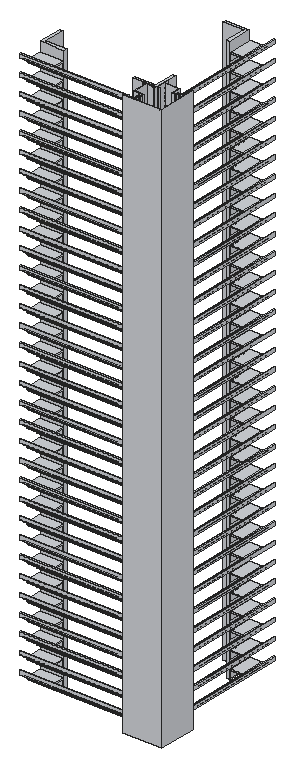
Revit family "ES-EL-2 (Box Corner)", category Mechanical Equipment, Revit 2015 (continued)
Automatic sketch dimensions
  Extrusion 41 sketch curve to Extrusion 41 sketch curve = 0' - 0.13587"
  Extrusion 41 sketch curve to Extrusion 41 sketch curve = 0' - 0.03118"
  Extrusion 41 sketch curve to Extrusion 41 sketch curve = 0' - 0.07571"
  Extrusion 41 sketch curve to Extrusion 41 sketch curve = 0' - 0.01536"
  Extrusion 41 sketch curve to Extrusion 41 sketch curve = 0' - 0.04056"
  Extrusion 41 sketch curve to Extrusion 41 sketch curve = 0' - 0.01509"
  Extrusion 41 sketch curve to Extrusion 41 sketch curve = 0' - 0.03469"
  Extrusion 41 sketch curve to Extrusion 41 sketch curve = 0' - 0.06126"
  Extrusion 41 sketch curve to Extrusion 41 sketch curve = 0' - 0.11488"
  Extrusion 41 sketch curve to Extrusion 41 sketch curve = 0' - 0.04313"
  Extrusion 41 sketch curve to Extrusion 41 sketch curve = 0' - 0.03758"
  Extrusion 41 sketch curve to Extrusion 41 sketch curve = 0' - 0.00683"
  Extrusion 41 sketch curve to Extrusion 41 sketch curve = 0' - 0.05466"
  Extrusion 41 sketch curve to Extrusion 41 sketch curve = 0' - 0.08634"
  Extrusion 41 sketch curve to Extrusion 41 sketch curve = 0' - 0.0603"
  Extrusion 41 sketch curve to Extrusion 41 sketch curve = 0' - 0.05923"
  Extrusion 41 sketch curve to Extrusion 41 sketch curve = 0' - 0.03824"
  Extrusion 41 sketch curve to Extrusion 41 sketch curve = 0' - 0.02856"
  Extrusion 41 sketch curve to Extrusion 41 sketch curve = 0' - 0.01716"
  Extrusion 41 sketch curve to Extrusion 41 sketch curve = 0' - 0.08747"
  Extrusion 41 sketch curve to Extrusion 41 sketch curve = 0' - 0.01878"
  Extrusion 41 sketch curve to Extrusion 41 sketch curve = 0' - 0.03113"
  Extrusion 41 sketch curve to Extrusion 41 sketch curve = 0' - 0.06323"
  Extrusion 41 sketch curve to Extrusion 41 sketch curve = 0' - 0.04564"
  Extrusion 41 sketch curve to Extrusion 41 sketch curve = 0' - 0.03681"
  Extrusion 41 sketch curve to Extrusion 41 sketch curve = 0' - 0.00656"
  Extrusion 41 sketch curve to Extrusion 41 sketch curve = 0' - 0.04106"
  Extrusion 41 sketch curve to Extrusion 41 sketch curve = 0' - 0.04775"
  Extrusion 41 sketch curve to Extrusion 41 sketch curve = 0' - 0.03768"
  Extrusion 41 sketch curve to Extrusion 41 sketch curve = 0' - 0.03841"
  Extrusion 41 sketch curve to Extrusion 41 sketch curve = 0' - 0.03993"
  Extrusion 41 sketch curve to Extrusion 41 sketch curve = 0' - 0.01637"
  Extrusion 41 sketch curve to Extrusion 41 sketch curve = 0' - 0 1/8"
  Extrusion 41 sketch curve to Extrusion 41 sketch curve = 0' - 0.03201"
  Extrusion 41 sketch curve to Extrusion 41 sketch curve = 0' - 0.01218"
  Extrusion 41 sketch curve to Extrusion 41 sketch curve = 0' - 0.00093"
  Extrusion 41 sketch curve to Extrusion 41 sketch curve = 0' - 0.06293"
  Extrusion 41 sketch curve to Extrusion 41 sketch curve = 0' - 0.01359"
  Extrusion 41 sketch curve to Extrusion 41 sketch curve = 0' - 0.06169"
  Extrusion 41 sketch curve to Extrusion 41 sketch curve = 0' - 0.06257"
  Extrusion 41 sketch curve to Extrusion 41 sketch curve = 0' - 0.20021"
  Extrusion 41 sketch curve to Extrusion 41 sketch curve = 0' - 0.05817"
  Extrusion 41 sketch curve to Extrusion 41 sketch curve = 0' - 0.14616"
  Extrusion 41 sketch curve to Extrusion 41 sketch curve = 0' - 0.28177"
  Extrusion 41 sketch curve to Extrusion 41 sketch curve = 0' - 0.11395"
  Extrusion 41 sketch curve to Extrusion 41 sketch curve = 0' - 0.02803"
  Extrusion 41 sketch curve to Extrusion 41 sketch curve = 0' - 0.04285"
  Extrusion 41 sketch curve to Extrusion 41 sketch curve = 0' - 0.05082"
  Extrusion 41 sketch curve to Extrusion 41 sketch curve = 0' - 0.04592"
  Extrusion 41 sketch curve to Extrusion 41 sketch curve = 0' - 0.05616"
  Extrusion 41 sketch curve to Extrusion 41 sketch curve = 0' - 0.04871"
  Extrusion 42 sketch curve to Extrusion 42 sketch curve = 0' - 0.059"
  Extrusion 42 sketch curve to Extrusion 42 sketch curve = 0' - 0.09455"
  Extrusion 42 sketch curve to Extrusion 42 sketch curve = 0' - 0.16713"
  Extrusion 42 sketch curve to Extrusion 42 sketch curve = 0' - 0.10396"
  Extrusion 42 sketch curve to Extrusion 42 sketch curve = 0' - 0.04188"
  Extrusion 42 sketch curve to Extrusion 42 sketch curve = 0' - 0.07328"
  Extrusion 42 sketch curve to Extrusion 42 sketch curve = 0' - 0.03705"
  Extrusion 42 sketch curve to Extrusion 42 sketch curve = 0' - 0.06678"
  Extrusion 42 sketch curve to Extrusion 42 sketch curve = 0' - 0.03441"
  Extrusion 42 sketch curve to Extrusion 42 sketch curve = 0' - 0.08971"
  Extrusion 42 sketch curve to Extrusion 42 sketch curve = 0' - 0.06591"
  Extrusion 42 sketch curve to Extrusion 42 sketch curve = 0' - 0.02101"
  Extrusion 42 sketch curve to Extrusion 42 sketch curve = 0' - 0.08093"
  Extrusion 42 sketch curve to Extrusion 42 sketch curve = 0' - 0.0092"
  Extrusion 42 sketch curve to Extrusion 42 sketch curve = 0' - 0.0249"
  Extrusion 42 sketch curve to Extrusion 42 sketch curve = 0' - 0.04679"
  Extrusion 42 sketch curve to Extrusion 42 sketch curve = 0' - 0.04475"
  Extrusion 42 sketch curve to Extrusion 42 sketch curve = 0' - 0.03472"
  Extrusion 42 sketch curve to Extrusion 42 sketch curve = 0' - 0.04794"
  Extrusion 42 sketch curve to Extrusion 42 sketch curve = 0' - 0.09251"
  Extrusion 42 sketch curve to Extrusion 42 sketch curve = 0' - 0.01641"
  Extrusion 42 sketch curve to Extrusion 42 sketch curve = 0' - 0.10787"
  Extrusion 42 sketch curve to Extrusion 42 sketch curve = 0' - 0.07052"
  Extrusion 42 sketch curve to Extrusion 42 sketch curve = 0' - 0.02971"
  Extrusion 42 sketch curve to Extrusion 42 sketch curve = 0' - 0.03652"
  Extrusion 42 sketch curve to Extrusion 42 sketch curve = 0' - 0.06407"
  Extrusion 42 sketch curve to Extrusion 42 sketch curve = 0' - 0.0028"
  Extrusion 42 sketch curve to Extrusion 42 sketch curve = 0' - 0.17908"
  Extrusion 42 sketch curve to Extrusion 42 sketch curve = 0' - 0.0484"
  Extrusion 42 sketch curve to Extrusion 42 sketch curve = 0' - 0.00685"
  Extrusion 42 sketch curve to Extrusion 42 sketch curve = 0' - 0.02635"
  Extrusion 42 sketch curve to Extrusion 42 sketch curve = 0' - 0.03989"
  Extrusion 42 sketch curve to Extrusion 42 sketch curve = 0' - 0.07851"
  Extrusion 42 sketch curve to Extrusion 42 sketch curve = 0' - 0.04274"
  Extrusion 42 sketch curve to Extrusion 42 sketch curve = 0' - 0.05351"
  Extrusion 42 sketch curve to Extrusion 42 sketch curve = 0' - 0.13725"
  Extrusion 42 sketch curve to Extrusion 42 sketch curve = 0' - 0.01694"
  Extrusion 42 sketch curve to Extrusion 42 sketch curve = 0' - 0.06256"
  Extrusion 42 sketch curve to Extrusion 42 sketch curve = 0' - 0.06379"
  Extrusion 42 sketch curve to Extrusion 42 sketch curve = 0' - 0.06947"
  Extrusion 42 sketch curve to Extrusion 42 sketch curve = 0' - 0.00615"
  Extrusion 42 sketch curve to Extrusion 42 sketch curve = 0' - 0.0107"
  Extrusion 42 sketch curve to Extrusion 42 sketch curve = 0' - 0.06383"
  Extrusion 42 sketch curve to Extrusion 42 sketch curve = 0' - 0.00524"
  Extrusion 42 sketch curve to Extrusion 42 sketch curve = 0' - 0.05333"
  Extrusion 42 sketch curve to Extrusion 42 sketch curve = 0' - 0.02167"
  Extrusion 42 sketch curve to Extrusion 42 sketch curve = 0' - 0.06255"
  Extrusion 42 sketch curve to Extrusion 42 sketch curve = 0' - 0.01996"
  Extrusion 42 sketch curve to Extrusion 42 sketch curve = 0' - 0.07389"
  Extrusion 42 sketch curve to Extrusion 42 sketch curve = 0' - 0.08882"
  Extrusion 42 sketch curve to Extrusion 42 sketch curve = 0' - 0.14048"
  Extrusion 42 sketch curve to Extrusion 42 sketch curve = 0' - 0.13587"
  Extrusion 42 sketch curve to Extrusion 42 sketch curve = 0' - 0.03118"
  Extrusion 42 sketch curve to Extrusion 42 sketch curve = 0' - 0.07571"
  Extrusion 42 sketch curve to Extrusion 42 sketch curve = 0' - 0.01536"
  Extrusion 42 sketch curve to Extrusion 42 sketch curve = 0' - 0.04056"
  Extrusion 42 sketch curve to Extrusion 42 sketch curve = 0' - 0.01509"
  Extrusion 42 sketch curve to Extrusion 42 sketch curve = 0' - 0.03469"
  Extrusion 42 sketch curve to Extrusion 42 sketch curve = 0' - 0.06126"
  Extrusion 42 sketch curve to Extrusion 42 sketch curve = 0' - 0.11488"
  Extrusion 42 sketch curve to Extrusion 42 sketch curve = 0' - 0.04313"
  Extrusion 42 sketch curve to Extrusion 42 sketch curve = 0' - 0.03758"
  Extrusion 42 sketch curve to Extrusion 42 sketch curve = 0' - 0.00683"
  Extrusion 42 sketch curve to Extrusion 42 sketch curve = 0' - 0.05466"
  Extrusion 42 sketch curve to Extrusion 42 sketch curve = 0' - 0.08634"
  Extrusion 42 sketch curve to Extrusion 42 sketch curve = 0' - 0.0603"
  Extrusion 42 sketch curve to Extrusion 42 sketch curve = 0' - 0.05923"
  Extrusion 42 sketch curve to Extrusion 42 sketch curve = 0' - 0.03824"
  Extrusion 42 sketch curve to Extrusion 42 sketch curve = 0' - 0.02856"
  Extrusion 42 sketch curve to Extrusion 42 sketch curve = 0' - 0.01716"
  Extrusion 42 sketch curve to Extrusion 42 sketch curve = 0' - 0.08747"
  Extrusion 42 sketch curve to Extrusion 42 sketch curve = 0' - 0.01878"
  Extrusion 42 sketch curve to Extrusion 42 sketch curve = 0' - 0.03113"
  Extrusion 42 sketch curve to Extrusion 42 sketch curve = 0' - 0.06323"
  Extrusion 42 sketch curve to Extrusion 42 sketch curve = 0' - 0.04564"
  Extrusion 42 sketch curve to Extrusion 42 sketch curve = 0' - 0.03681"
  Extrusion 42 sketch curve to Extrusion 42 sketch curve = 0' - 0.00656"
  Extrusion 42 sketch curve to Extrusion 42 sketch curve = 0' - 0.04106"
  Extrusion 42 sketch curve to Extrusion 42 sketch curve = 0' - 0.04775"
  Extrusion 42 sketch curve to Extrusion 42 sketch curve = 0' - 0.03768"
  Extrusion 42 sketch curve to Extrusion 42 sketch curve = 0' - 0.03841"
  Extrusion 42 sketch curve to Extrusion 42 sketch curve = 0' - 0.03993"
  Extrusion 42 sketch curve to Extrusion 42 sketch curve = 0' - 0.01637"
  Extrusion 42 sketch curve to Extrusion 42 sketch curve = 0' - 0 1/8"
  Extrusion 42 sketch curve to Extrusion 42 sketch curve = 0' - 0.03201"
  Extrusion 42 sketch curve to Extrusion 42 sketch curve = 0' - 0.01218"
  Extrusion 42 sketch curve to Extrusion 42 sketch curve = 0' - 0.00093"
  Extrusion 42 sketch curve to Extrusion 42 sketch curve = 0' - 0.06293"
  Extrusion 42 sketch curve to Extrusion 42 sketch curve = 0' - 0.01359"
  Extrusion 42 sketch curve to Extrusion 42 sketch curve = 0' - 0.06169"
  Extrusion 42 sketch curve to Extrusion 42 sketch curve = 0' - 0.06257"
  Extrusion 42 sketch curve to Extrusion 42 sketch curve = 0' - 0.20021"
  Extrusion 42 sketch curve to Extrusion 42 sketch curve = 0' - 0.05817"
  Extrusion 42 sketch curve to Extrusion 42 sketch curve = 0' - 0.14616"
  Extrusion 42 sketch curve to Extrusion 42 sketch curve = 0' - 0.28177"
  Extrusion 42 sketch curve to Extrusion 42 sketch curve = 0' - 0.11395"
  Extrusion 42 sketch curve to Extrusion 42 sketch curve = 0' - 0.02803"
  Extrusion 42 sketch curve to Extrusion 42 sketch curve = 0' - 0.04285"
  Extrusion 42 sketch curve to Extrusion 42 sketch curve = 0' - 0.05082"
  Extrusion 42 sketch curve to Extrusion 42 sketch curve = 0' - 0.04592"
  Extrusion 42 sketch curve to Extrusion 42 sketch curve = 0' - 0.05616"
  Extrusion 42 sketch curve to Extrusion 42 sketch curve = 0' - 0.04871"
  Extrusion 43 sketch curve to Extrusion 43 sketch curve = 0' - 0.059"
  Extrusion 43 sketch curve to Extrusion 43 sketch curve = 0' - 0.09455"
  Extrusion 43 sketch curve to Extrusion 43 sketch curve = 0' - 0.16713"
  Extrusion 43 sketch curve to Extrusion 43 sketch curve = 0' - 0.10396"
  Extrusion 43 sketch curve to Extrusion 43 sketch curve = 0' - 0.04188"
  Extrusion 43 sketch curve to Extrusion 43 sketch curve = 0' - 0.07328"
  Extrusion 43 sketch curve to Extrusion 43 sketch curve = 0' - 0.03705"
  Extrusion 43 sketch curve to Extrusion 43 sketch curve = 0' - 0.06678"
  Extrusion 43 sketch curve to Extrusion 43 sketch curve = 0' - 0.03441"
  Extrusion 43 sketch curve to Extrusion 43 sketch curve = 0' - 0.08971"
  Extrusion 43 sketch curve to Extrusion 43 sketch curve = 0' - 0.06591"
  Extrusion 43 sketch curve to Extrusion 43 sketch curve = 0' - 0.02101"
  Extrusion 43 sketch curve to Extrusion 43 sketch curve = 0' - 0.08093"
  Extrusion 43 sketch curve to Extrusion 43 sketch curve = 0' - 0.0092"
  Extrusion 43 sketch curve to Extrusion 43 sketch curve = 0' - 0.0249"
  Extrusion 43 sketch curve to Extrusion 43 sketch curve = 0' - 0.04679"
  Extrusion 43 sketch curve to Extrusion 43 sketch curve = 0' - 0.04475"
  Extrusion 43 sketch curve to Extrusion 43 sketch curve = 0' - 0.03472"
  Extrusion 43 sketch curve to Extrusion 43 sketch curve = 0' - 0.04794"
  Extrusion 43 sketch curve to Extrusion 43 sketch curve = 0' - 0.09251"
  Extrusion 43 sketch curve to Extrusion 43 sketch curve = 0' - 0.01641"
  Extrusion 43 sketch curve to Extrusion 43 sketch curve = 0' - 0.10787"
  Extrusion 43 sketch curve to Extrusion 43 sketch curve = 0' - 0.07052"
  Extrusion 43 sketch curve to Extrusion 43 sketch curve = 0' - 0.02971"
  Extrusion 43 sketch curve to Extrusion 43 sketch curve = 0' - 0.03652"
  Extrusion 43 sketch curve to Extrusion 43 sketch curve = 0' - 0.06407"
  Extrusion 43 sketch curve to Extrusion 43 sketch curve = 0' - 0.0028"
  Extrusion 43 sketch curve to Extrusion 43 sketch curve = 0' - 0.17908"
  Extrusion 43 sketch curve to Extrusion 43 sketch curve = 0' - 0.0484"
  Extrusion 43 sketch curve to Extrusion 43 sketch curve = 0' - 0.00685"
  Extrusion 43 sketch curve to Extrusion 43 sketch curve = 0' - 0.02635"
  Extrusion 43 sketch curve to Extrusion 43 sketch curve = 0' - 0.03989"
  Extrusion 43 sketch curve to Extrusion 43 sketch curve = 0' - 0.07851"
  Extrusion 43 sketch curve to Extrusion 43 sketch curve = 0' - 0.04274"
  Extrusion 43 sketch curve to Extrusion 43 sketch curve = 0' - 0.05351"
  Extrusion 43 sketch curve to Extrusion 43 sketch curve = 0' - 0.13725"
  Extrusion 43 sketch curve to Extrusion 43 sketch curve = 0' - 0.01694"
  Extrusion 43 sketch curve to Extrusion 43 sketch curve = 0' - 0.06256"
  Extrusion 43 sketch curve to Extrusion 43 sketch curve = 0' - 0.06379"
  Extrusion 43 sketch curve to Extrusion 43 sketch curve = 0' - 0.06947"
  Extrusion 43 sketch curve to Extrusion 43 sketch curve = 0' - 0.00615"
  Extrusion 43 sketch curve to Extrusion 43 sketch curve = 0' - 0.0107"
  Extrusion 43 sketch curve to Extrusion 43 sketch curve = 0' - 0.06383"
  Extrusion 43 sketch curve to Extrusion 43 sketch curve = 0' - 0.00524"
  Extrusion 43 sketch curve to Extrusion 43 sketch curve = 0' - 0.05333"
  Extrusion 43 sketch curve to Extrusion 43 sketch curve = 0' - 0.02167"
  Extrusion 43 sketch curve to Extrusion 43 sketch curve = 0' - 0.06255"
  Extrusion 43 sketch curve to Extrusion 43 sketch curve = 0' - 0.01996"
  Extrusion 43 sketch curve to Extrusion 43 sketch curve = 0' - 0.07389"
  Extrusion 43 sketch curve to Extrusion 43 sketch curve = 0' - 0.08882"
  Extrusion 43 sketch curve to Extrusion 43 sketch curve = 0' - 0.14048"
  Extrusion 43 sketch curve to Extrusion 43 sketch curve = 0' - 0.13587"
  Extrusion 43 sketch curve to Extrusion 43 sketch curve = 0' - 0.03118"
  Extrusion 43 sketch curve to Extrusion 43 sketch curve = 0' - 0.07571"
  Extrusion 43 sketch curve to Extrusion 43 sketch curve = 0' - 0.01536"
  Extrusion 43 sketch curve to Extrusion 43 sketch curve = 0' - 0.04056"
  Extrusion 43 sketch curve to Extrusion 43 sketch curve = 0' - 0.01509"
  Extrusion 43 sketch curve to Extrusion 43 sketch curve = 0' - 0.03469"
  Extrusion 43 sketch curve to Extrusion 43 sketch curve = 0' - 0.06126"
  Extrusion 43 sketch curve to Extrusion 43 sketch curve = 0' - 0.11488"
  Extrusion 43 sketch curve to Extrusion 43 sketch curve = 0' - 0.04313"
  Extrusion 43 sketch curve to Extrusion 43 sketch curve = 0' - 0.03758"
  Extrusion 43 sketch curve to Extrusion 43 sketch curve = 0' - 0.00683"
  Extrusion 43 sketch curve to Extrusion 43 sketch curve = 0' - 0.05466"
  Extrusion 43 sketch curve to Extrusion 43 sketch curve = 0' - 0.08634"
  Extrusion 43 sketch curve to Extrusion 43 sketch curve = 0' - 0.0603"
  Extrusion 43 sketch curve to Extrusion 43 sketch curve = 0' - 0.05923"
  Extrusion 43 sketch curve to Extrusion 43 sketch curve = 0' - 0.03824"
  Extrusion 43 sketch curve to Extrusion 43 sketch curve = 0' - 0.02856"
  Extrusion 43 sketch curve to Extrusion 43 sketch curve = 0' - 0.01716"
  Extrusion 43 sketch curve to Extrusion 43 sketch curve = 0' - 0.08747"
  Extrusion 43 sketch curve to Extrusion 43 sketch curve = 0' - 0.01878"
  Extrusion 43 sketch curve to Extrusion 43 sketch curve = 0' - 0.03113"
  Extrusion 43 sketch curve to Extrusion 43 sketch curve = 0' - 0.06323"
  Extrusion 43 sketch curve to Extrusion 43 sketch curve = 0' - 0.04564"
  Extrusion 43 sketch curve to Extrusion 43 sketch curve = 0' - 0.03681"
  Extrusion 43 sketch curve to Extrusion 43 sketch curve = 0' - 0.00656"
  Extrusion 43 sketch curve to Extrusion 43 sketch curve = 0' - 0.04106"
  Extrusion 43 sketch curve to Extrusion 43 sketch curve = 0' - 0.04775"
  Extrusion 43 sketch curve to Extrusion 43 sketch curve = 0' - 0.03768"
  Extrusion 43 sketch curve to Extrusion 43 sketch curve = 0' - 0.03841"
  Extrusion 43 sketch curve to Extrusion 43 sketch curve = 0' - 0.03993"
  Extrusion 43 sketch curve to Extrusion 43 sketch curve = 0' - 0.01637"
  Extrusion 43 sketch curve to Extrusion 43 sketch curve = 0' - 0 1/8"
  Extrusion 43 sketch curve to Extrusion 43 sketch curve = 0' - 0.03201"
  Extrusion 43 sketch curve to Extrusion 43 sketch curve = 0' - 0.01218"
  Extrusion 43 sketch curve to Extrusion 43 sketch curve = 0' - 0.00093"
  Extrusion 43 sketch curve to Extrusion 43 sketch curve = 0' - 0.06293"
  Extrusion 43 sketch curve to Extrusion 43 sketch curve = 0' - 0.01359"
  Extrusion 43 sketch curve to Extrusion 43 sketch curve = 0' - 0.06169"
  Extrusion 43 sketch curve to Extrusion 43 sketch curve = 0' - 0.06257"
  Extrusion 43 sketch curve to Extrusion 43 sketch curve = 0' - 0.20021"
  Extrusion 43 sketch curve to Extrusion 43 sketch curve = 0' - 0.05817"
  Extrusion 43 sketch curve to Extrusion 43 sketch curve = 0' - 0.14616"
  Extrusion 43 sketch curve to Extrusion 43 sketch curve = 0' - 0.28177"
  Extrusion 43 sketch curve to Extrusion 43 sketch curve = 0' - 0.11395"
  Extrusion 43 sketch curve to Extrusion 43 sketch curve = 0' - 0.02803"
  Extrusion 43 sketch curve to Extrusion 43 sketch curve = 0' - 0.04285"
  Extrusion 43 sketch curve to Extrusion 43 sketch curve = 0' - 0.05082"
  Extrusion 43 sketch curve to Extrusion 43 sketch curve = 0' - 0.04592"
  Extrusion 43 sketch curve to Extrusion 43 sketch curve = 0' - 0.05616"
  Extrusion 43 sketch curve to Extrusion 43 sketch curve = 0' - 0.04871"
  Extrusion 44 sketch curve to Extrusion 44 sketch curve = 0' - 0.059"
  Extrusion 44 sketch curve to Extrusion 44 sketch curve = 0' - 0.09455"
  Extrusion 44 sketch curve to Extrusion 44 sketch curve = 0' - 0.16713"
  Extrusion 44 sketch curve to Extrusion 44 sketch curve = 0' - 0.10396"
  Extrusion 44 sketch curve to Extrusion 44 sketch curve = 0' - 0.04188"
  Extrusion 44 sketch curve to Extrusion 44 sketch curve = 0' - 0.07328"
  Extrusion 44 sketch curve to Extrusion 44 sketch curve = 0' - 0.03705"
  Extrusion 44 sketch curve to Extrusion 44 sketch curve = 0' - 0.06678"
  Extrusion 44 sketch curve to Extrusion 44 sketch curve = 0' - 0.03441"
  Extrusion 44 sketch curve to Extrusion 44 sketch curve = 0' - 0.08971"
  Extrusion 44 sketch curve to Extrusion 44 sketch curve = 0' - 0.06591"
  Extrusion 44 sketch curve to Extrusion 44 sketch curve = 0' - 0.02101"
  Extrusion 44 sketch curve to Extrusion 44 sketch curve = 0' - 0.08093"
  Extrusion 44 sketch curve to Extrusion 44 sketch curve = 0' - 0.0092"
  Extrusion 44 sketch curve to Extrusion 44 sketch curve = 0' - 0.0249"
  Extrusion 44 sketch curve to Extrusion 44 sketch curve = 0' - 0.04679"
  Extrusion 44 sketch curve to Extrusion 44 sketch curve = 0' - 0.04475"
  Extrusion 44 sketch curve to Extrusion 44 sketch curve = 0' - 0.03472"
  Extrusion 44 sketch curve to Extrusion 44 sketch curve = 0' - 0.04794"
  Extrusion 44 sketch curve to Extrusion 44 sketch curve = 0' - 0.09251"
  Extrusion 44 sketch curve to Extrusion 44 sketch curve = 0' - 0.01641"
  Extrusion 44 sketch curve to Extrusion 44 sketch curve = 0' - 0.10787"
  Extrusion 44 sketch curve to Extrusion 44 sketch curve = 0' - 0.07052"
  Extrusion 44 sketch curve to Extrusion 44 sketch curve = 0' - 0.02971"
  Extrusion 44 sketch curve to Extrusion 44 sketch curve = 0' - 0.03652"
  Extrusion 44 sketch curve to Extrusion 44 sketch curve = 0' - 0.06407"
  Extrusion 44 sketch curve to Extrusion 44 sketch curve = 0' - 0.0028"
  Extrusion 44 sketch curve to Extrusion 44 sketch curve = 0' - 0.17908"
  Extrusion 44 sketch curve to Extrusion 44 sketch curve = 0' - 0.0484"
  Extrusion 44 sketch curve to Extrusion 44 sketch curve = 0' - 0.00685"
  Extrusion 44 sketch curve to Extrusion 44 sketch curve = 0' - 0.02635"
  Extrusion 44 sketch curve to Extrusion 44 sketch curve = 0' - 0.03989"
  Extrusion 44 sketch curve to Extrusion 44 sketch curve = 0' - 0.07851"
  Extrusion 44 sketch curve to Extrusion 44 sketch curve = 0' - 0.04274"
  Extrusion 44 sketch curve to Extrusion 44 sketch curve = 0' - 0.05351"
  Extrusion 44 sketch curve to Extrusion 44 sketch curve = 0' - 0.13725"
  Extrusion 44 sketch curve to Extrusion 44 sketch curve = 0' - 0.01694"
  Extrusion 44 sketch curve to Extrusion 44 sketch curve = 0' - 0.06256"
  Extrusion 44 sketch curve to Extrusion 44 sketch curve = 0' - 0.06379"
  Extrusion 44 sketch curve to Extrusion 44 sketch curve = 0' - 0.06947"
  Extrusion 44 sketch curve to Extrusion 44 sketch curve = 0' - 0.00615"
  Extrusion 44 sketch curve to Extrusion 44 sketch curve = 0' - 0.0107"
  Extrusion 44 sketch curve to Extrusion 44 sketch curve = 0' - 0.06383"
  Extrusion 44 sketch curve to Extrusion 44 sketch curve = 0' - 0.00524"
  Extrusion 44 sketch curve to Extrusion 44 sketch curve = 0' - 0.05333"
  Extrusion 44 sketch curve to Extrusion 44 sketch curve = 0' - 0.02167"
  Extrusion 44 sketch curve to Extrusion 44 sketch curve = 0' - 0.06255"
  Extrusion 44 sketch curve to Extrusion 44 sketch curve = 0' - 0.01996"
  Extrusion 44 sketch curve to Extrusion 44 sketch curve = 0' - 0.07389"
  Extrusion 44 sketch curve to Extrusion 44 sketch curve = 0' - 0.08882"
  Extrusion 44 sketch curve to Extrusion 44 sketch curve = 0' - 0.14048"
  Extrusion 44 sketch curve to Extrusion 44 sketch curve = 0' - 0.13587"
  Extrusion 44 sketch curve to Extrusion 44 sketch curve = 0' - 0.03118"
  Extrusion 44 sketch curve to Extrusion 44 sketch curve = 0' - 0.07571"
  Extrusion 44 sketch curve to Extrusion 44 sketch curve = 0' - 0.01536"
  Extrusion 44 sketch curve to Extrusion 44 sketch curve = 0' - 0.04056"
  Extrusion 44 sketch curve to Extrusion 44 sketch curve = 0' - 0.01509"
  Extrusion 44 sketch curve to Extrusion 44 sketch curve = 0' - 0.03469"
  Extrusion 44 sketch curve to Extrusion 44 sketch curve = 0' - 0.06126"
  Extrusion 44 sketch curve to Extrusion 44 sketch curve = 0' - 0.11488"
  Extrusion 44 sketch curve to Extrusion 44 sketch curve = 0' - 0.04313"
  Extrusion 44 sketch curve to Extrusion 44 sketch curve = 0' - 0.03758"
  Extrusion 44 sketch curve to Extrusion 44 sketch curve = 0' - 0.00683"
  Extrusion 44 sketch curve to Extrusion 44 sketch curve = 0' - 0.05466"
  Extrusion 44 sketch curve to Extrusion 44 sketch curve = 0' - 0.08634"
  Extrusion 44 sketch curve to Extrusion 44 sketch curve = 0' - 0.0603"
  Extrusion 44 sketch curve to Extrusion 44 sketch curve = 0' - 0.05923"
  Extrusion 44 sketch curve to Extrusion 44 sketch curve = 0' - 0.03824"
  Extrusion 44 sketch curve to Extrusion 44 sketch curve = 0' - 0.02856"
  Extrusion 44 sketch curve to Extrusion 44 sketch curve = 0' - 0.01716"
  Extrusion 44 sketch curve to Extrusion 44 sketch curve = 0' - 0.08747"
  Extrusion 44 sketch curve to Extrusion 44 sketch curve = 0' - 0.01878"
  Extrusion 44 sketch curve to Extrusion 44 sketch curve = 0' - 0.03113"
  Extrusion 44 sketch curve to Extrusion 44 sketch curve = 0' - 0.06323"
  Extrusion 44 sketch curve to Extrusion 44 sketch curve = 0' - 0.04564"
  Extrusion 44 sketch curve to Extrusion 44 sketch curve = 0' - 0.03681"
  Extrusion 44 sketch curve to Extrusion 44 sketch curve = 0' - 0.00656"
  Extrusion 44 sketch curve to Extrusion 44 sketch curve = 0' - 0.04106"
  Extrusion 44 sketch curve to Extrusion 44 sketch curve = 0' - 0.04775"
  Extrusion 44 sketch curve to Extrusion 44 sketch curve = 0' - 0.03768"
  Extrusion 44 sketch curve to Extrusion 44 sketch curve = 0' - 0.03841"
  Extrusion 44 sketch curve to Extrusion 44 sketch curve = 0' - 0.03993"
  Extrusion 44 sketch curve to Extrusion 44 sketch curve = 0' - 0.01637"
  Extrusion 44 sketch curve to Extrusion 44 sketch curve = 0' - 0 1/8"
  Extrusion 44 sketch curve to Extrusion 44 sketch curve = 0' - 0.03201"
  Extrusion 44 sketch curve to Extrusion 44 sketch curve = 0' - 0.01218"
  Extrusion 44 sketch curve to Extrusion 44 sketch curve = 0' - 0.00093"
  Extrusion 44 sketch curve to Extrusion 44 sketch curve = 0' - 0.06293"
  Extrusion 44 sketch curve to Extrusion 44 sketch curve = 0' - 0.01359"
  Extrusion 44 sketch curve to Extrusion 44 sketch curve = 0' - 0.06169"
  Extrusion 44 sketch curve to Extrusion 44 sketch curve = 0' - 0.06257"
  Extrusion 44 sketch curve to Extrusion 44 sketch curve = 0' - 0.20021"
  Extrusion 44 sketch curve to Extrusion 44 sketch curve = 0' - 0.05817"
  Extrusion 44 sketch curve to Extrusion 44 sketch curve = 0' - 0.14616"
  Extrusion 44 sketch curve to Extrusion 44 sketch curve = 0' - 0.28177"
  Extrusion 44 sketch curve to Extrusion 44 sketch curve = 0' - 0.11395"
  Extrusion 44 sketch curve to Extrusion 44 sketch curve = 0' - 0.02803"
  Extrusion 44 sketch curve to Extrusion 44 sketch curve = 0' - 0.04285"
  Extrusion 44 sketch curve to Extrusion 44 sketch curve = 0' - 0.05082"
  Extrusion 44 sketch curve to Extrusion 44 sketch curve = 0' - 0.04592"
  Extrusion 44 sketch curve to Extrusion 44 sketch curve = 0' - 0.05616"
  Extrusion 44 sketch curve to Extrusion 44 sketch curve = 0' - 0.04871"
  Extrusion 45 sketch curve to Extrusion 45 sketch curve = 0' - 0.059"
  Extrusion 45 sketch curve to Extrusion 45 sketch curve = 0' - 0.09455"
  Extrusion 45 sketch curve to Extrusion 45 sketch curve = 0' - 0.16713"
  Extrusion 45 sketch curve to Extrusion 45 sketch curve = 0' - 0.10396"
  Extrusion 45 sketch curve to Extrusion 45 sketch curve = 0' - 0.04188"
  Extrusion 45 sketch curve to Extrusion 45 sketch curve = 0' - 0.07328"
  Extrusion 45 sketch curve to Extrusion 45 sketch curve = 0' - 0.03705"
  Extrusion 45 sketch curve to Extrusion 45 sketch curve = 0' - 0.06678"
  Extrusion 45 sketch curve to Extrusion 45 sketch curve = 0' - 0.03441"
  Extrusion 45 sketch curve to Extrusion 45 sketch curve = 0' - 0.08971"
  Extrusion 45 sketch curve to Extrusion 45 sketch curve = 0' - 0.06591"
  Extrusion 45 sketch curve to Extrusion 45 sketch curve = 0' - 0.02101"
  Extrusion 45 sketch curve to Extrusion 45 sketch curve = 0' - 0.08093"
  Extrusion 45 sketch curve to Extrusion 45 sketch curve = 0' - 0.0092"
  Extrusion 45 sketch curve to Extrusion 45 sketch curve = 0' - 0.0249"
  Extrusion 45 sketch curve to Extrusion 45 sketch curve = 0' - 0.04679"
  Extrusion 45 sketch curve to Extrusion 45 sketch curve = 0' - 0.04475"
  Extrusion 45 sketch curve to Extrusion 45 sketch curve = 0' - 0.03472"
  Extrusion 45 sketch curve to Extrusion 45 sketch curve = 0' - 0.04794"
  Extrusion 45 sketch curve to Extrusion 45 sketch curve = 0' - 0.09251"
  Extrusion 45 sketch curve to Extrusion 45 sketch curve = 0' - 0.01641"
  Extrusion 45 sketch curve to Extrusion 45 sketch curve = 0' - 0.10787"
  Extrusion 45 sketch curve to Extrusion 45 sketch curve = 0' - 0.07052"
  Extrusion 45 sketch curve to Extrusion 45 sketch curve = 0' - 0.02971"
  Extrusion 45 sketch curve to Extrusion 45 sketch curve = 0' - 0.03652"
  Extrusion 45 sketch curve to Extrusion 45 sketch curve = 0' - 0.06407"
  Extrusion 45 sketch curve to Extrusion 45 sketch curve = 0' - 0.0028"
  Extrusion 45 sketch curve to Extrusion 45 sketch curve = 0' - 0.17908"
  Extrusion 45 sketch curve to Extrusion 45 sketch curve = 0' - 0.0484"
  Extrusion 45 sketch curve to Extrusion 45 sketch curve = 0' - 0.00685"
  Extrusion 45 sketch curve to Extrusion 45 sketch curve = 0' - 0.02635"
  Extrusion 45 sketch curve to Extrusion 45 sketch curve = 0' - 0.03989"
  Extrusion 45 sketch curve to Extrusion 45 sketch curve = 0' - 0.07851"
  Extrusion 45 sketch curve to Extrusion 45 sketch curve = 0' - 0.04274"
  Extrusion 45 sketch curve to Extrusion 45 sketch curve = 0' - 0.05351"
  Extrusion 45 sketch curve to Extrusion 45 sketch curve = 0' - 0.13725"
  Extrusion 45 sketch curve to Extrusion 45 sketch curve = 0' - 0.01694"
  Extrusion 45 sketch curve to Extrusion 45 sketch curve = 0' - 0.06256"
  Extrusion 45 sketch curve to Extrusion 45 sketch curve = 0' - 0.06379"
  Extrusion 45 sketch curve to Extrusion 45 sketch curve = 0' - 0.06947"
  Extrusion 45 sketch curve to Extrusion 45 sketch curve = 0' - 0.00615"
  Extrusion 45 sketch curve to Extrusion 45 sketch curve = 0' - 0.0107"
  Extrusion 45 sketch curve to Extrusion 45 sketch curve = 0' - 0.06383"
  Extrusion 45 sketch curve to Extrusion 45 sketch curve = 0' - 0.00524"
  Extrusion 45 sketch curve to Extrusion 45 sketch curve = 0' - 0.05333"
  Extrusion 45 sketch curve to Extrusion 45 sketch curve = 0' - 0.02167"
  Extrusion 45 sketch curve to Extrusion 45 sketch curve = 0' - 0.06255"
  Extrusion 45 sketch curve to Extrusion 45 sketch curve = 0' - 0.01996"
  Extrusion 45 sketch curve to Extrusion 45 sketch curve = 0' - 0.07389"
  Extrusion 45 sketch curve to Extrusion 45 sketch curve = 0' - 0.08882"
  Extrusion 45 sketch curve to Extrusion 45 sketch curve = 0' - 0.14048"
  Extrusion 45 sketch curve to Extrusion 45 sketch curve = 0' - 0.07571"
  Extrusion 45 sketch curve to Extrusion 45 sketch curve = 0' - 0.01536"
  Extrusion 45 sketch curve to Extrusion 45 sketch curve = 0' - 0.04056"
  Extrusion 45 sketch curve to Extrusion 45 sketch curve = 0' - 0.01509"
  Extrusion 45 sketch curve to Extrusion 45 sketch curve = 0' - 0.03469"
  Extrusion 45 sketch curve to Extrusion 45 sketch curve = 0' - 0.06126"
  Extrusion 45 sketch curve to Extrusion 45 sketch curve = 0' - 0.11488"
  Extrusion 45 sketch curve to Extrusion 45 sketch curve = 0' - 0.04313"
  Extrusion 45 sketch curve to Extrusion 45 sketch curve = 0' - 0.03758"
  Extrusion 45 sketch curve to Extrusion 45 sketch curve = 0' - 0.00683"
  Extrusion 45 sketch curve to Extrusion 45 sketch curve = 0' - 0.05466"
  Extrusion 45 sketch curve to Extrusion 45 sketch curve = 0' - 0.08634"
  Extrusion 45 sketch curve to Extrusion 45 sketch curve = 0' - 0.0603"
  Extrusion 45 sketch curve to Extrusion 45 sketch curve = 0' - 0.05923"
  Extrusion 45 sketch curve to Extrusion 45 sketch curve = 0' - 0.03824"
  Extrusion 45 sketch curve to Extrusion 45 sketch curve = 0' - 0.02856"
  Extrusion 45 sketch curve to Extrusion 45 sketch curve = 0' - 0.01716"
  Extrusion 45 sketch curve to Extrusion 45 sketch curve = 0' - 0.08747"
  Extrusion 45 sketch curve to Extrusion 45 sketch curve = 0' - 0.01878"
  Extrusion 45 sketch curve to Extrusion 45 sketch curve = 0' - 0.03113"
  Extrusion 45 sketch curve to Extrusion 45 sketch curve = 0' - 0.06323"
  Extrusion 45 sketch curve to Extrusion 45 sketch curve = 0' - 0.04564"
  Extrusion 45 sketch curve to Extrusion 45 sketch curve = 0' - 0.03681"
  Extrusion 45 sketch curve to Extrusion 45 sketch curve = 0' - 0.00656"
  Extrusion 45 sketch curve to Extrusion 45 sketch curve = 0' - 0.04106"
  Extrusion 45 sketch curve to Extrusion 45 sketch curve = 0' - 0.04775"
  Extrusion 45 sketch curve to Extrusion 45 sketch curve = 0' - 0.03768"
  Extrusion 45 sketch curve to Extrusion 45 sketch curve = 0' - 0.03841"
  Extrusion 45 sketch curve to Extrusion 45 sketch curve = 0' - 0.03993"
  Extrusion 45 sketch curve to Extrusion 45 sketch curve = 0' - 0.01637"
  Extrusion 45 sketch curve to Extrusion 45 sketch curve = 0' - 0 1/8"
  Extrusion 45 sketch curve to Extrusion 45 sketch curve = 0' - 0.03201"
  Extrusion 45 sketch curve to Extrusion 45 sketch curve = 0' - 0.01218"
  Extrusion 45 sketch curve to Extrusion 45 sketch curve = 0' - 0.00093"
  Extrusion 45 sketch curve to Extrusion 45 sketch curve = 0' - 0.06293"
  Extrusion 45 sketch curve to Extrusion 45 sketch curve = 0' - 0.01359"
  Extrusion 45 sketch curve to Extrusion 45 sketch curve = 0' - 0.06169"
  Extrusion 45 sketch curve to Extrusion 45 sketch curve = 0' - 0.06257"
  Extrusion 45 sketch curve to Extrusion 45 sketch curve = 0' - 0.20021"
  Extrusion 45 sketch curve to Extrusion 45 sketch curve = 0' - 0.05817"
  Extrusion 45 sketch curve to Extrusion 45 sketch curve = 0' - 0.10469"
  Extrusion 45 sketch curve to Extrusion 45 sketch curve = 0' - 0.03118"
  Extrusion 45 sketch curve to Extrusion 45 sketch curve = 0' - 0.14616"
  Extrusion 45 sketch curve to Extrusion 45 sketch curve = 0' - 0.04871"
  Extrusion 45 sketch curve to Extrusion 45 sketch curve = 0' - 0.05895"
  Extrusion 45 sketch curve to Extrusion 45 sketch curve = 0' - 0.04592"
  Extrusion 45 sketch curve to Extrusion 45 sketch curve = 0' - 0.05389"
  Extrusion 45 sketch curve to Extrusion 45 sketch curve = 0' - 0.04285"
  Extrusion 45 sketch curve to Extrusion 45 sketch curve = 0' - 0.07088"
  Extrusion 45 sketch curve to Extrusion 45 sketch curve = 0' - 0.11395"
  Extrusion 45 sketch curve to Extrusion 45 sketch curve = 0' - 0.28177"
  Extrusion 46 sketch curve to Extrusion 46 sketch curve = 0' - 0.059"
  Extrusion 46 sketch curve to Extrusion 46 sketch curve = 0' - 0.09455"
  Extrusion 46 sketch curve to Extrusion 46 sketch curve = 0' - 0.16713"
  Extrusion 46 sketch curve to Extrusion 46 sketch curve = 0' - 0.10396"
  Extrusion 46 sketch curve to Extrusion 46 sketch curve = 0' - 0.04188"
  Extrusion 46 sketch curve to Extrusion 46 sketch curve = 0' - 0.07328"
  Extrusion 46 sketch curve to Extrusion 46 sketch curve = 0' - 0.03705"
  Extrusion 46 sketch curve to Extrusion 46 sketch curve = 0' - 0.06678"
  Extrusion 46 sketch curve to Extrusion 46 sketch curve = 0' - 0.03441"
  Extrusion 46 sketch curve to Extrusion 46 sketch curve = 0' - 0.08971"
  Extrusion 46 sketch curve to Extrusion 46 sketch curve = 0' - 0.06591"
  Extrusion 46 sketch curve to Extrusion 46 sketch curve = 0' - 0.02101"
  Extrusion 46 sketch curve to Extrusion 46 sketch curve = 0' - 0.08093"
  Extrusion 46 sketch curve to Extrusion 46 sketch curve = 0' - 0.0092"
  Extrusion 46 sketch curve to Extrusion 46 sketch curve = 0' - 0.0249"
  Extrusion 46 sketch curve to Extrusion 46 sketch curve = 0' - 0.04679"
  Extrusion 46 sketch curve to Extrusion 46 sketch curve = 0' - 0.04475"
  Extrusion 46 sketch curve to Extrusion 46 sketch curve = 0' - 0.03472"
  Extrusion 46 sketch curve to Extrusion 46 sketch curve = 0' - 0.04794"
  Extrusion 46 sketch curve to Extrusion 46 sketch curve = 0' - 0.09251"
  Extrusion 46 sketch curve to Extrusion 46 sketch curve = 0' - 0.01641"
  Extrusion 46 sketch curve to Extrusion 46 sketch curve = 0' - 0.10787"
  Extrusion 46 sketch curve to Extrusion 46 sketch curve = 0' - 0.07052"
  Extrusion 46 sketch curve to Extrusion 46 sketch curve = 0' - 0.02971"
  Extrusion 46 sketch curve to Extrusion 46 sketch curve = 0' - 0.03652"
  Extrusion 46 sketch curve to Extrusion 46 sketch curve = 0' - 0.06407"
  Extrusion 46 sketch curve to Extrusion 46 sketch curve = 0' - 0.0028"
  Extrusion 46 sketch curve to Extrusion 46 sketch curve = 0' - 0.17908"
  Extrusion 46 sketch curve to Extrusion 46 sketch curve = 0' - 0.0484"
  Extrusion 46 sketch curve to Extrusion 46 sketch curve = 0' - 0.00685"
  Extrusion 46 sketch curve to Extrusion 46 sketch curve = 0' - 0.02635"
  Extrusion 46 sketch curve to Extrusion 46 sketch curve = 0' - 0.03989"
  Extrusion 46 sketch curve to Extrusion 46 sketch curve = 0' - 0.07851"
  Extrusion 46 sketch curve to Extrusion 46 sketch curve = 0' - 0.04274"
  Extrusion 46 sketch curve to Extrusion 46 sketch curve = 0' - 0.05351"
  Extrusion 46 sketch curve to Extrusion 46 sketch curve = 0' - 0.13725"
  Extrusion 46 sketch curve to Extrusion 46 sketch curve = 0' - 0.01694"
  Extrusion 46 sketch curve to Extrusion 46 sketch curve = 0' - 0.06256"
  Extrusion 46 sketch curve to Extrusion 46 sketch curve = 0' - 0.06379"
  Extrusion 46 sketch curve to Extrusion 46 sketch curve = 0' - 0.06947"
  Extrusion 46 sketch curve to Extrusion 46 sketch curve = 0' - 0.00615"
  Extrusion 46 sketch curve to Extrusion 46 sketch curve = 0' - 0.0107"
  Extrusion 46 sketch curve to Extrusion 46 sketch curve = 0' - 0.06383"
  Extrusion 46 sketch curve to Extrusion 46 sketch curve = 0' - 0.00524"
  Extrusion 46 sketch curve to Extrusion 46 sketch curve = 0' - 0.05333"
  Extrusion 46 sketch curve to Extrusion 46 sketch curve = 0' - 0.02167"
  Extrusion 46 sketch curve to Extrusion 46 sketch curve = 0' - 0.06255"
  Extrusion 46 sketch curve to Extrusion 46 sketch curve = 0' - 0.01996"
  Extrusion 46 sketch curve to Extrusion 46 sketch curve = 0' - 0.07389"
  Extrusion 46 sketch curve to Extrusion 46 sketch curve = 0' - 0.08882"
  Extrusion 46 sketch curve to Extrusion 46 sketch curve = 0' - 0.14048"
  Extrusion 46 sketch curve to Extrusion 46 sketch curve = 0' - 0.07571"
  Extrusion 46 sketch curve to Extrusion 46 sketch curve = 0' - 0.01536"
  Extrusion 46 sketch curve to Extrusion 46 sketch curve = 0' - 0.04056"
  Extrusion 46 sketch curve to Extrusion 46 sketch curve = 0' - 0.01509"
  Extrusion 46 sketch curve to Extrusion 46 sketch curve = 0' - 0.03469"
  Extrusion 46 sketch curve to Extrusion 46 sketch curve = 0' - 0.06126"
  Extrusion 46 sketch curve to Extrusion 46 sketch curve = 0' - 0.11488"
  Extrusion 46 sketch curve to Extrusion 46 sketch curve = 0' - 0.04313"
  Extrusion 46 sketch curve to Extrusion 46 sketch curve = 0' - 0.03758"
  Extrusion 46 sketch curve to Extrusion 46 sketch curve = 0' - 0.00683"
  Extrusion 46 sketch curve to Extrusion 46 sketch curve = 0' - 0.05466"
  Extrusion 46 sketch curve to Extrusion 46 sketch curve = 0' - 0.08634"
  Extrusion 46 sketch curve to Extrusion 46 sketch curve = 0' - 0.0603"
  Extrusion 46 sketch curve to Extrusion 46 sketch curve = 0' - 0.05923"
  Extrusion 46 sketch curve to Extrusion 46 sketch curve = 0' - 0.03824"
  Extrusion 46 sketch curve to Extrusion 46 sketch curve = 0' - 0.02856"
  Extrusion 46 sketch curve to Extrusion 46 sketch curve = 0' - 0.01716"
  Extrusion 46 sketch curve to Extrusion 46 sketch curve = 0' - 0.08747"
  Extrusion 46 sketch curve to Extrusion 46 sketch curve = 0' - 0.01878"
  Extrusion 46 sketch curve to Extrusion 46 sketch curve = 0' - 0.03113"
  Extrusion 46 sketch curve to Extrusion 46 sketch curve = 0' - 0.06323"
  Extrusion 46 sketch curve to Extrusion 46 sketch curve = 0' - 0.04564"
  Extrusion 46 sketch curve to Extrusion 46 sketch curve = 0' - 0.03681"
  Extrusion 46 sketch curve to Extrusion 46 sketch curve = 0' - 0.00656"
  Extrusion 46 sketch curve to Extrusion 46 sketch curve = 0' - 0.04106"
  Extrusion 46 sketch curve to Extrusion 46 sketch curve = 0' - 0.04775"
  Extrusion 46 sketch curve to Extrusion 46 sketch curve = 0' - 0.03768"
  Extrusion 46 sketch curve to Extrusion 46 sketch curve = 0' - 0.03841"
  Extrusion 46 sketch curve to Extrusion 46 sketch curve = 0' - 0.03993"
  Extrusion 46 sketch curve to Extrusion 46 sketch curve = 0' - 0.01637"
  Extrusion 46 sketch curve to Extrusion 46 sketch curve = 0' - 0 1/8"
  Extrusion 46 sketch curve to Extrusion 46 sketch curve = 0' - 0.03201"
  Extrusion 46 sketch curve to Extrusion 46 sketch curve = 0' - 0.01218"
  Extrusion 46 sketch curve to Extrusion 46 sketch curve = 0' - 0.00093"
  Extrusion 46 sketch curve to Extrusion 46 sketch curve = 0' - 0.06293"
  Extrusion 46 sketch curve to Extrusion 46 sketch curve = 0' - 0.01359"
  Extrusion 46 sketch curve to Extrusion 46 sketch curve = 0' - 0.06169"
  Extrusion 46 sketch curve to Extrusion 46 sketch curve = 0' - 0.06257"
  Extrusion 46 sketch curve to Extrusion 46 sketch curve = 0' - 0.20021"
  Extrusion 46 sketch curve to Extrusion 46 sketch curve = 0' - 0.05817"
  Extrusion 46 sketch curve to Extrusion 46 sketch curve = 0' - 0.10469"
  Extrusion 46 sketch curve to Extrusion 46 sketch curve = 0' - 0.03118"
  Extrusion 46 sketch curve to Extrusion 46 sketch curve = 0' - 0.14616"
  Extrusion 46 sketch curve to Extrusion 46 sketch curve = 0' - 0.04871"
  Extrusion 46 sketch curve to Extrusion 46 sketch curve = 0' - 0.05895"
  Extrusion 46 sketch curve to Extrusion 46 sketch curve = 0' - 0.04592"
  Extrusion 46 sketch curve to Extrusion 46 sketch curve = 0' - 0.05389"
  Extrusion 46 sketch curve to Extrusion 46 sketch curve = 0' - 0.04285"
  Extrusion 46 sketch curve to Extrusion 46 sketch curve = 0' - 0.07088"
  Extrusion 46 sketch curve to Extrusion 46 sketch curve = 0' - 0.11395"
  Extrusion 46 sketch curve to Extrusion 46 sketch curve = 0' - 0.28177"
  Extrusion 47 sketch curve to Extrusion 47 sketch curve = 0' - 0.059"
  Extrusion 47 sketch curve to Extrusion 47 sketch curve = 0' - 0.09455"
  Extrusion 47 sketch curve to Extrusion 47 sketch curve = 0' - 0.16713"
  Extrusion 47 sketch curve to Extrusion 47 sketch curve = 0' - 0.10396"
  Extrusion 47 sketch curve to Extrusion 47 sketch curve = 0' - 0.04188"
  Extrusion 47 sketch curve to Extrusion 47 sketch curve = 0' - 0.07328"
  Extrusion 47 sketch curve to Extrusion 47 sketch curve = 0' - 0.03705"
  Extrusion 47 sketch curve to Extrusion 47 sketch curve = 0' - 0.06678"
  Extrusion 47 sketch curve to Extrusion 47 sketch curve = 0' - 0.03441"
  Extrusion 47 sketch curve to Extrusion 47 sketch curve = 0' - 0.08971"
  Extrusion 47 sketch curve to Extrusion 47 sketch curve = 0' - 0.06591"
  Extrusion 47 sketch curve to Extrusion 47 sketch curve = 0' - 0.02101"
  Extrusion 47 sketch curve to Extrusion 47 sketch curve = 0' - 0.08093"
  Extrusion 47 sketch curve to Extrusion 47 sketch curve = 0' - 0.0092"
  Extrusion 47 sketch curve to Extrusion 47 sketch curve = 0' - 0.0249"
  Extrusion 47 sketch curve to Extrusion 47 sketch curve = 0' - 0.04679"
  Extrusion 47 sketch curve to Extrusion 47 sketch curve = 0' - 0.04475"
  Extrusion 47 sketch curve to Extrusion 47 sketch curve = 0' - 0.03472"
  Extrusion 47 sketch curve to Extrusion 47 sketch curve = 0' - 0.04794"
  Extrusion 47 sketch curve to Extrusion 47 sketch curve = 0' - 0.09251"
  Extrusion 47 sketch curve to Extrusion 47 sketch curve = 0' - 0.01641"
  Extrusion 47 sketch curve to Extrusion 47 sketch curve = 0' - 0.10787"
  Extrusion 47 sketch curve to Extrusion 47 sketch curve = 0' - 0.07052"
  Extrusion 47 sketch curve to Extrusion 47 sketch curve = 0' - 0.02971"
  Extrusion 47 sketch curve to Extrusion 47 sketch curve = 0' - 0.03652"
  Extrusion 47 sketch curve to Extrusion 47 sketch curve = 0' - 0.06407"
  Extrusion 47 sketch curve to Extrusion 47 sketch curve = 0' - 0.0028"
  Extrusion 47 sketch curve to Extrusion 47 sketch curve = 0' - 0.17908"
  Extrusion 47 sketch curve to Extrusion 47 sketch curve = 0' - 0.0484"
  Extrusion 47 sketch curve to Extrusion 47 sketch curve = 0' - 0.00685"
  Extrusion 47 sketch curve to Extrusion 47 sketch curve = 0' - 0.02635"
  Extrusion 47 sketch curve to Extrusion 47 sketch curve = 0' - 0.03989"
  Extrusion 47 sketch curve to Extrusion 47 sketch curve = 0' - 0.07851"
  Extrusion 47 sketch curve to Extrusion 47 sketch curve = 0' - 0.04274"
  Extrusion 47 sketch curve to Extrusion 47 sketch curve = 0' - 0.05351"
  Extrusion 47 sketch curve to Extrusion 47 sketch curve = 0' - 0.13725"
  Extrusion 47 sketch curve to Extrusion 47 sketch curve = 0' - 0.01694"
  Extrusion 47 sketch curve to Extrusion 47 sketch curve = 0' - 0.06256"
  Extrusion 47 sketch curve to Extrusion 47 sketch curve = 0' - 0.06379"
  Extrusion 47 sketch curve to Extrusion 47 sketch curve = 0' - 0.06947"
  Extrusion 47 sketch curve to Extrusion 47 sketch curve = 0' - 0.00615"
  Extrusion 47 sketch curve to Extrusion 47 sketch curve = 0' - 0.0107"
  Extrusion 47 sketch curve to Extrusion 47 sketch curve = 0' - 0.06383"
  Extrusion 47 sketch curve to Extrusion 47 sketch curve = 0' - 0.00524"
  Extrusion 47 sketch curve to Extrusion 47 sketch curve = 0' - 0.05333"
  Extrusion 47 sketch curve to Extrusion 47 sketch curve = 0' - 0.02167"
  Extrusion 47 sketch curve to Extrusion 47 sketch curve = 0' - 0.06255"
  Extrusion 47 sketch curve to Extrusion 47 sketch curve = 0' - 0.01996"
  Extrusion 47 sketch curve to Extrusion 47 sketch curve = 0' - 0.07389"
  Extrusion 47 sketch curve to Extrusion 47 sketch curve = 0' - 0.08882"
  Extrusion 47 sketch curve to Extrusion 47 sketch curve = 0' - 0.14048"
  Extrusion 47 sketch curve to Extrusion 47 sketch curve = 0' - 0.07571"
  Extrusion 47 sketch curve to Extrusion 47 sketch curve = 0' - 0.01536"
  Extrusion 47 sketch curve to Extrusion 47 sketch curve = 0' - 0.04056"
  Extrusion 47 sketch curve to Extrusion 47 sketch curve = 0' - 0.01509"
  Extrusion 47 sketch curve to Extrusion 47 sketch curve = 0' - 0.03469"
  Extrusion 47 sketch curve to Extrusion 47 sketch curve = 0' - 0.06126"
  Extrusion 47 sketch curve to Extrusion 47 sketch curve = 0' - 0.11488"
  Extrusion 47 sketch curve to Extrusion 47 sketch curve = 0' - 0.04313"
  Extrusion 47 sketch curve to Extrusion 47 sketch curve = 0' - 0.03758"
  Extrusion 47 sketch curve to Extrusion 47 sketch curve = 0' - 0.00683"
  Extrusion 47 sketch curve to Extrusion 47 sketch curve = 0' - 0.05466"
  Extrusion 47 sketch curve to Extrusion 47 sketch curve = 0' - 0.08634"
  Extrusion 47 sketch curve to Extrusion 47 sketch curve = 0' - 0.0603"
  Extrusion 47 sketch curve to Extrusion 47 sketch curve = 0' - 0.05923"
  Extrusion 47 sketch curve to Extrusion 47 sketch curve = 0' - 0.03824"
  Extrusion 47 sketch curve to Extrusion 47 sketch curve = 0' - 0.02856"
  Extrusion 47 sketch curve to Extrusion 47 sketch curve = 0' - 0.01716"
  Extrusion 47 sketch curve to Extrusion 47 sketch curve = 0' - 0.08747"
  Extrusion 47 sketch curve to Extrusion 47 sketch curve = 0' - 0.01878"
  Extrusion 47 sketch curve to Extrusion 47 sketch curve = 0' - 0.03113"
  Extrusion 47 sketch curve to Extrusion 47 sketch curve = 0' - 0.06323"
  Extrusion 47 sketch curve to Extrusion 47 sketch curve = 0' - 0.04564"
  Extrusion 47 sketch curve to Extrusion 47 sketch curve = 0' - 0.03681"
  Extrusion 47 sketch curve to Extrusion 47 sketch curve = 0' - 0.00656"
  Extrusion 47 sketch curve to Extrusion 47 sketch curve = 0' - 0.04106"
  Extrusion 47 sketch curve to Extrusion 47 sketch curve = 0' - 0.04775"
  Extrusion 47 sketch curve to Extrusion 47 sketch curve = 0' - 0.03768"
  Extrusion 47 sketch curve to Extrusion 47 sketch curve = 0' - 0.03841"
  Extrusion 47 sketch curve to Extrusion 47 sketch curve = 0' - 0.03993"
  Extrusion 47 sketch curve to Extrusion 47 sketch curve = 0' - 0.01637"
  Extrusion 47 sketch curve to Extrusion 47 sketch curve = 0' - 0 1/8"
  Extrusion 47 sketch curve to Extrusion 47 sketch curve = 0' - 0.03201"
  Extrusion 47 sketch curve to Extrusion 47 sketch curve = 0' - 0.01218"
  Extrusion 47 sketch curve to Extrusion 47 sketch curve = 0' - 0.00093"
  Extrusion 47 sketch curve to Extrusion 47 sketch curve = 0' - 0.06293"
  Extrusion 47 sketch curve to Extrusion 47 sketch curve = 0' - 0.01359"
  Extrusion 47 sketch curve to Extrusion 47 sketch curve = 0' - 0.06169"
  Extrusion 47 sketch curve to Extrusion 47 sketch curve = 0' - 0.06257"
  Extrusion 47 sketch curve to Extrusion 47 sketch curve = 0' - 0.20021"
  Extrusion 47 sketch curve to Extrusion 47 sketch curve = 0' - 0.05817"
  Extrusion 47 sketch curve to Extrusion 47 sketch curve = 0' - 0.10469"
  Extrusion 47 sketch curve to Extrusion 47 sketch curve = 0' - 0.03118"
  Extrusion 47 sketch curve to Extrusion 47 sketch curve = 0' - 0.14616"
  Extrusion 47 sketch curve to Extrusion 47 sketch curve = 0' - 0.04871"
  Extrusion 47 sketch curve to Extrusion 47 sketch curve = 0' - 0.05895"
  Extrusion 47 sketch curve to Extrusion 47 sketch curve = 0' - 0.04592"
  Extrusion 47 sketch curve to Extrusion 47 sketch curve = 0' - 0.05389"
  Extrusion 47 sketch curve to Extrusion 47 sketch curve = 0' - 0.04285"
  Extrusion 47 sketch curve to Extrusion 47 sketch curve = 0' - 0.07088"
  Extrusion 47 sketch curve to Extrusion 47 sketch curve = 0' - 0.11395"
  Extrusion 47 sketch curve to Extrusion 47 sketch curve = 0' - 0.28177"
  Extrusion 48 sketch curve to Extrusion 48 sketch curve = 0' - 0.059"
  Extrusion 48 sketch curve to Extrusion 48 sketch curve = 0' - 0.09455"
  Extrusion 48 sketch curve to Extrusion 48 sketch curve = 0' - 0.16713"
  Extrusion 48 sketch curve to Extrusion 48 sketch curve = 0' - 0.10396"
  Extrusion 48 sketch curve to Extrusion 48 sketch curve = 0' - 0.04188"
  Extrusion 48 sketch curve to Extrusion 48 sketch curve = 0' - 0.07328"
  Extrusion 48 sketch curve to Extrusion 48 sketch curve = 0' - 0.03705"
  Extrusion 48 sketch curve to Extrusion 48 sketch curve = 0' - 0.06678"
  Extrusion 48 sketch curve to Extrusion 48 sketch curve = 0' - 0.03441"
  Extrusion 48 sketch curve to Extrusion 48 sketch curve = 0' - 0.08971"
  Extrusion 48 sketch curve to Extrusion 48 sketch curve = 0' - 0.06591"
  Extrusion 48 sketch curve to Extrusion 48 sketch curve = 0' - 0.02101"
  Extrusion 48 sketch curve to Extrusion 48 sketch curve = 0' - 0.08093"
  Extrusion 48 sketch curve to Extrusion 48 sketch curve = 0' - 0.0092"
  Extrusion 48 sketch curve to Extrusion 48 sketch curve = 0' - 0.0249"
  Extrusion 48 sketch curve to Extrusion 48 sketch curve = 0' - 0.04679"
  Extrusion 48 sketch curve to Extrusion 48 sketch curve = 0' - 0.04475"
  Extrusion 48 sketch curve to Extrusion 48 sketch curve = 0' - 0.03472"
  Extrusion 48 sketch curve to Extrusion 48 sketch curve = 0' - 0.04794"
  Extrusion 48 sketch curve to Extrusion 48 sketch curve = 0' - 0.09251"
  Extrusion 48 sketch curve to Extrusion 48 sketch curve = 0' - 0.01641"
  Extrusion 48 sketch curve to Extrusion 48 sketch curve = 0' - 0.10787"
  Extrusion 48 sketch curve to Extrusion 48 sketch curve = 0' - 0.07052"
  Extrusion 48 sketch curve to Extrusion 48 sketch curve = 0' - 0.02971"
  Extrusion 48 sketch curve to Extrusion 48 sketch curve = 0' - 0.03652"
  Extrusion 48 sketch curve to Extrusion 48 sketch curve = 0' - 0.06407"
  Extrusion 48 sketch curve to Extrusion 48 sketch curve = 0' - 0.0028"
  Extrusion 48 sketch curve to Extrusion 48 sketch curve = 0' - 0.17908"
  Extrusion 48 sketch curve to Extrusion 48 sketch curve = 0' - 0.0484"
  Extrusion 48 sketch curve to Extrusion 48 sketch curve = 0' - 0.00685"
  Extrusion 48 sketch curve to Extrusion 48 sketch curve = 0' - 0.02635"
  Extrusion 48 sketch curve to Extrusion 48 sketch curve = 0' - 0.03989"
  Extrusion 48 sketch curve to Extrusion 48 sketch curve = 0' - 0.07851"
  Extrusion 48 sketch curve to Extrusion 48 sketch curve = 0' - 0.04274"
  Extrusion 48 sketch curve to Extrusion 48 sketch curve = 0' - 0.05351"
  Extrusion 48 sketch curve to Extrusion 48 sketch curve = 0' - 0.13725"
  Extrusion 48 sketch curve to Extrusion 48 sketch curve = 0' - 0.01694"
  Extrusion 48 sketch curve to Extrusion 48 sketch curve = 0' - 0.06256"
  Extrusion 48 sketch curve to Extrusion 48 sketch curve = 0' - 0.06379"
  Extrusion 48 sketch curve to Extrusion 48 sketch curve = 0' - 0.06947"
  Extrusion 48 sketch curve to Extrusion 48 sketch curve = 0' - 0.00615"
  Extrusion 48 sketch curve to Extrusion 48 sketch curve = 0' - 0.0107"
  Extrusion 48 sketch curve to Extrusion 48 sketch curve = 0' - 0.06383"
  Extrusion 48 sketch curve to Extrusion 48 sketch curve = 0' - 0.00524"
  Extrusion 48 sketch curve to Extrusion 48 sketch curve = 0' - 0.05333"
  Extrusion 48 sketch curve to Extrusion 48 sketch curve = 0' - 0.02167"
  Extrusion 48 sketch curve to Extrusion 48 sketch curve = 0' - 0.06255"
  Extrusion 48 sketch curve to Extrusion 48 sketch curve = 0' - 0.01996"
  Extrusion 48 sketch curve to Extrusion 48 sketch curve = 0' - 0.07389"
  Extrusion 48 sketch curve to Extrusion 48 sketch curve = 0' - 0.08882"
  Extrusion 48 sketch curve to Extrusion 48 sketch curve = 0' - 0.14048"
  Extrusion 48 sketch curve to Extrusion 48 sketch curve = 0' - 0.07571"
  Extrusion 48 sketch curve to Extrusion 48 sketch curve = 0' - 0.01536"
  Extrusion 48 sketch curve to Extrusion 48 sketch curve = 0' - 0.04056"
  Extrusion 48 sketch curve to Extrusion 48 sketch curve = 0' - 0.01509"
  Extrusion 48 sketch curve to Extrusion 48 sketch curve = 0' - 0.03469"
  Extrusion 48 sketch curve to Extrusion 48 sketch curve = 0' - 0.06126"
  Extrusion 48 sketch curve to Extrusion 48 sketch curve = 0' - 0.11488"
  Extrusion 48 sketch curve to Extrusion 48 sketch curve = 0' - 0.04313"
  Extrusion 48 sketch curve to Extrusion 48 sketch curve = 0' - 0.03758"
  Extrusion 48 sketch curve to Extrusion 48 sketch curve = 0' - 0.00683"
  Extrusion 48 sketch curve to Extrusion 48 sketch curve = 0' - 0.05466"
  Extrusion 48 sketch curve to Extrusion 48 sketch curve = 0' - 0.08634"
  Extrusion 48 sketch curve to Extrusion 48 sketch curve = 0' - 0.0603"
  Extrusion 48 sketch curve to Extrusion 48 sketch curve = 0' - 0.05923"
  Extrusion 48 sketch curve to Extrusion 48 sketch curve = 0' - 0.03824"
  Extrusion 48 sketch curve to Extrusion 48 sketch curve = 0' - 0.02856"
  Extrusion 48 sketch curve to Extrusion 48 sketch curve = 0' - 0.01716"
  Extrusion 48 sketch curve to Extrusion 48 sketch curve = 0' - 0.08747"
  Extrusion 48 sketch curve to Extrusion 48 sketch curve = 0' - 0.01878"
  Extrusion 48 sketch curve to Extrusion 48 sketch curve = 0' - 0.03113"
  Extrusion 48 sketch curve to Extrusion 48 sketch curve = 0' - 0.06323"
  Extrusion 48 sketch curve to Extrusion 48 sketch curve = 0' - 0.04564"
  Extrusion 48 sketch curve to Extrusion 48 sketch curve = 0' - 0.03681"
  Extrusion 48 sketch curve to Extrusion 48 sketch curve = 0' - 0.00656"
  Extrusion 48 sketch curve to Extrusion 48 sketch curve = 0' - 0.04106"
  Extrusion 48 sketch curve to Extrusion 48 sketch curve = 0' - 0.04775"
  Extrusion 48 sketch curve to Extrusion 48 sketch curve = 0' - 0.03768"
  Extrusion 48 sketch curve to Extrusion 48 sketch curve = 0' - 0.03841"
  Extrusion 48 sketch curve to Extrusion 48 sketch curve = 0' - 0.03993"
  Extrusion 48 sketch curve to Extrusion 48 sketch curve = 0' - 0.01637"
  Extrusion 48 sketch curve to Extrusion 48 sketch curve = 0' - 0 1/8"
  Extrusion 48 sketch curve to Extrusion 48 sketch curve = 0' - 0.03201"
  Extrusion 48 sketch curve to Extrusion 48 sketch curve = 0' - 0.01218"
  Extrusion 48 sketch curve to Extrusion 48 sketch curve = 0' - 0.00093"
  Extrusion 48 sketch curve to Extrusion 48 sketch curve = 0' - 0.06293"
  Extrusion 48 sketch curve to Extrusion 48 sketch curve = 0' - 0.01359"
  Extrusion 48 sketch curve to Extrusion 48 sketch curve = 0' - 0.06169"
  Extrusion 48 sketch curve to Extrusion 48 sketch curve = 0' - 0.06257"
  Extrusion 48 sketch curve to Extrusion 48 sketch curve = 0' - 0.20021"
  Extrusion 48 sketch curve to Extrusion 48 sketch curve = 0' - 0.05817"
  Extrusion 48 sketch curve to Extrusion 48 sketch curve = 0' - 0.10469"
  Extrusion 48 sketch curve to Extrusion 48 sketch curve = 0' - 0.03118"
  Extrusion 48 sketch curve to Extrusion 48 sketch curve = 0' - 0.14616"
  Extrusion 48 sketch curve to Extrusion 48 sketch curve = 0' - 0.04871"
  Extrusion 48 sketch curve to Extrusion 48 sketch curve = 0' - 0.05895"
  Extrusion 48 sketch curve to Extrusion 48 sketch curve = 0' - 0.04592"
  Extrusion 48 sketch curve to Extrusion 48 sketch curve = 0' - 0.05389"
  Extrusion 48 sketch curve to Extrusion 48 sketch curve = 0' - 0.04285"
  Extrusion 48 sketch curve to Extrusion 48 sketch curve = 0' - 0.07088"
  Extrusion 48 sketch curve to Extrusion 48 sketch curve = 0' - 0.11395"
  Extrusion 48 sketch curve to Extrusion 48 sketch curve = 0' - 0.28177"
  Extrusion 49 sketch curve to Extrusion 49 sketch curve = 0' - 0.059"
  Extrusion 49 sketch curve to Extrusion 49 sketch curve = 0' - 0.09455"
  Extrusion 49 sketch curve to Extrusion 49 sketch curve = 0' - 0.16713"
  Extrusion 49 sketch curve to Extrusion 49 sketch curve = 0' - 0.10396"
  Extrusion 49 sketch curve to Extrusion 49 sketch curve = 0' - 0.04188"
  Extrusion 49 sketch curve to Extrusion 49 sketch curve = 0' - 0.07328"
